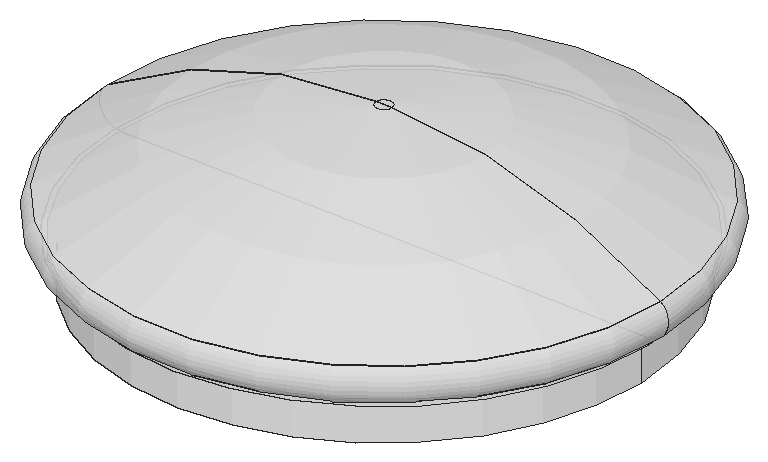
Revit family "0043117 Sylvania Lighting Fixture START ECO SURFACE IP44 2000LM 830", category Lighting Fixtures, host Face, Revit 2016
Family settings
  Host = Face
  Part Type = Normal
  Round Connector Dimension = Use Diameter
  OmniClass Number = 23.80.70.11.17
  OmniClass Title = Specialized Lighting by Location or Use
  Cut with Voids When Loaded = No
  Light Source = Yes
  Shared = No
  Room Calculation Point = No
Parameters (values of type "0043117 START ECO SURFACE IP44 2000LM 830")
  Weight = "kg"
  WarrantyStartDate [instance] = "n/a"
  WarrantyGuarantorParts = "n/a"
  WarrantyDurationUnit = "n/a"
  WarrantyDurationParts = "n/a"
  WarrantyDescription = "n/a"
  Voltage = 230 V
  TypeName = "START ECO SURFACE IP44 2000LM 830"
  SerialNumber [instance] = "n/a"
  Radius_FEILO = 180.0 mm
  Wattage = 24 W
  built-in parameter 1150110 = 1 (stored number, unit not read)
  URL = "http://www.sylvania-lighting.com"
  built-in parameter 1114217 = 1 (stored number, unit not read)
  Tilt Angle = -90°
  built-in parameter 1150109 = 1 (stored number, unit not read)
  built-in parameter 1150134 = (empty or 0)
  built-in parameter 1150113 = 1 (stored number, unit not read)
  PowerFactor = 0.8
  PowerConsumption = "24 W"
  Photometric Web File = "0043117.ies"
  NominalWidth = 0.0 mm
  NominalLength = 360.0 mm
  NominalHeight = 100.0 mm
  Name = "START ECO SURFACE IP44 2000LM 830"
  ModelReference = "START ECO SURFACE IP44 2000LM 830"
  ModelNumber = "0043117"
  Material_4_FEILO = none
  Material_3_FEILO = Polycarbonate_Sylvania_Sylcircle_Opal
  Material_2_FEILO = Metal_Sylvania_Sylcircle_White
  Material_1_FEILO = none
  Material = "aluminium housing, polycarbonate diffuser"
  ManufacturerName = "Feilo Sylvania"
  LuminousEfficacy = "83 lm/W"
  LuminaireType = ""
  LightOutputRatio = "n/a"
  LampsType = Lamp  # "LED"
  LampNominalLuminous = "2000 lm"
  LampMacAdamStep = "6"
  LampColourTemperature = "3000 K"
  LampColourRenderingIndex = "80"
  Keynote = "16500"
  InstallationDate [instance] = "n/a"
  InputVoltage = "220-240V~"
  InputNominalFrequency = "50 Hz"
  IngressProtection = "IP44"
  ImpactProtectionIndex = "IK03"
  IfcExportType = "IfcLightFixtureType"
  IfcExportAs = "IfcLightFixtureType"
  Height_FEILO = 100.0 mm
  ExpectedLife = 50000
  ElectricShockClassification = "Class I"
  DurationUnit = "hours"
  DocumentationLiterature = "http://www.sylvania-lighting.com/product/en-int/products/0043117"
  DimmingControlOptions = "Non dimmable"
  Diameter_FEILO = 2 * Radius_FEILO  # 360.0 mm
  CreatedOn = "8/8/2018"
  CreatedBy = "@sylvania-lighting.com"
  built-in parameter 1114216 [instance] = 1 (stored number, unit not read)
  Model = "START ECO SURFACE IP44 2000LM 830"
  Manufacturer = "Feilo Sylvania"
  built-in parameter 1150105 = 473.08 (stored number, unit not read)
  Lumens = 1992 lm
  built-in parameter 1150115 = 1 (stored number, unit not read)
  built-in parameter 1150137 = (empty or 0)
  built-in parameter 1150139 = (empty or 0)
  built-in parameter 1150112 = 1 (stored number, unit not read)
  built-in parameter 1150114 = 1 (stored number, unit not read)
  Lamp = "LED"
  built-in parameter 1150132 = 2
  built-in parameter 1150102 = (empty or 0)
  built-in parameter 1150107 = 3000 (stored number, unit not read)
  built-in parameter 1150138 = (empty or 0)
  built-in parameter 1150106 = 4.7308 (stored number, unit not read)
  built-in parameter 1150104 = 7.711 (stored number, unit not read)
  Dimming Lamp Color Temperature Shift = <None>
  Description = "Ceiling / wall luminaire with integrated LED  Perfect solution for hallways, circulation spaces or foyer.   Even and uniform light distribution with a halo lighting effect on the wall surface    24W 2000 lumens Supplied with LED driver (non-dimmable)    IK03 PMMA diffuser   Low maintenance with 30,000 hours LED life expectancy"
  Default Elevation = 0.0 mm
  Color Filter = 16777215
  built-in parameter 1140040 [instance] = 1
  BarCode [instance] = "n/a"
  built-in parameter 1114218 = 1 (stored number, unit not read)
  built-in parameter 1150133 = 10 (stored number, unit not read)
  AssetType = "Fixed"
  AssetIdentifier [instance] = "n/a"
  Assembly Code = "D5020200"
  Apparent Load = 24 VA
Reference planes
  plane 1 "Center (Front/Back)": y = 0
  plane 2: z = 0
  plane 3 "Center (Left/Right)": x = 0
  plane 4: x = 180
  plane 5: z = 23
  plane 6 "Housing Bottom": z = 27
  plane 7: z = 50
  plane 8 "Fixture Bottom": z = 100
  plane 9: x = 175
  plane 10: x = 170
  plane 11: x = 167
  plane 12: x = 163
Forms (mm)
  Revolve 1, solid, material "Polycarbonate_Sylvania_Sylcircle_Opal" <- "Material_3_FEILO", detail levels fine
    sketch origin (0, 0, 0) x (1, 0, 0) y (0, 0, 1)
      loop
        line (0, 100) -> (0, 27) -> (169.962, 27)
        arc (169.962, 27) -> (179.736, 36.911) -> (175, 50) r 13.044
        arc (175, 50) -> (93.6, 87.241) -> (5, 100) r 314
        line (5, 100) -> (0, 100)
      axis (0, 100) -> (0, 27)
    angle from 0 to 360
  Revolve 2, solid, material "Metal_Sylvania_Sylcircle_White" <- "Material_2_FEILO", detail levels fine
    sketch origin (0, 0, 0) x (1, 0, 0) y (0, 0, 1)
      loop
        line (167, 27) -> (0, 27) -> (0, 0) -> (163, 0) -> (163, 23) -> (167, 23) -> (167, 27)
      axis (0, 27) -> (0, 0)
    angle from 0 to 360
  Revolve 3, solid, material "Metal_Sylvania_Sylcircle_White" <- "Material_2_FEILO", detail levels coarse+medium
    sketch origin (0, 0, 0) x (1, 0, 0) y (0, 0, 1)
      loop
        line (0, 100) -> (0, 0) -> (163, 0) -> (163, 23) -> (167, 23) -> (167, 27) -> (169.962, 27)
        arc (169.962, 27) -> (179.736, 36.911) -> (175, 50) r 13.044
        arc (175, 50) -> (93.6, 87.241) -> (5, 100) r 314
        line (5, 100) -> (0, 100)
      axis (0, 100) -> (0, 0)
    angle from 0 to 360
Dimensions and locks
  "Height_FEILO": plane 8 "Fixture Bottom" to plane 2
  "Radius_FEILO": plane 4 to plane 3 "Center (Left/Right)"
  plane 6 "Housing Bottom" to plane 5 to plane 2 = 4.0 mm locked, 23.0 mm locked
  plane 4 to plane 9 to plane 10 to plane 11 to plane 12 = 5.0 mm locked, 5.0 mm locked, 3.0 mm locked, 4.0 mm locked
  aligned and locked: plane 2 to host face
  aligned and locked: level to host face
  aligned and locked: plane 1 "Center (Front/Back)" to imposter light
  aligned and locked: plane 3 "Center (Left/Right)" to imposter light
  aligned and locked: Revolve 1 sketch curve to plane 3 "Center (Left/Right)"
  aligned and locked: plane 6 "Housing Bottom" to Revolve 1 sketch curve  (x2)
  aligned and locked: Revolve 1 sketch curve to plane 8 "Fixture Bottom"
  aligned and locked: plane 9 to Revolve 1 sketch curve
  aligned and locked: Revolve 2 sketch curve to plane 6 "Housing Bottom"
  aligned and locked: Revolve 2 sketch curve to plane 11
  aligned and locked: Revolve 2 sketch curve to plane 5
  aligned and locked: Revolve 2 sketch curve to plane 12
  aligned and locked: Revolve 2 sketch curve to plane 2
  aligned and locked: Revolve 2 sketch curve to plane 3 "Center (Left/Right)"  (x2)
  aligned and locked: plane 8 "Fixture Bottom" to imposter light
  aligned and locked: plane 9 to Revolve 3 sketch curve
  aligned and locked: plane 6 "Housing Bottom" to Revolve 3 sketch curve
  aligned and locked: plane 7 to Revolve 3 sketch curve
  aligned and locked: Revolve 3 sketch curve to imposter light
  aligned and locked: Revolve 3 sketch curve to plane 11
  aligned and locked: Revolve 3 sketch curve to plane 2
  aligned and locked: Revolve 3 sketch curve to plane 5
  aligned and locked: Revolve 3 sketch curve to plane 12
Automatic sketch dimensions
  host sketch curve to host sketch curve = 1305.563 mm
  host sketch curve to host sketch curve = 1283.632 mm
  Revolve 1 sketch curve to plane 3 "Center (Left/Right)" = 0.0 mm
  Revolve 1 sketch curve to plane 7 = 0.0 mm
  Revolve 1 sketch curve to plane 10 = 0.038 mm
  plane 3 "Center (Left/Right)" to Revolve 1 sketch curve = 5.0 mm
  Revolve 1 sketch curve to plane 10 = 3.007 mm
  Revolve 1 sketch curve to Revolve 1 sketch curve = 234.06 mm
  Revolve 1 sketch curve to Revolve 1 sketch curve = 2559.943 mm
  Revolve 2 sketch curve to level = 372.274 mm
  plane 8 "Fixture Bottom" to Revolve 2 sketch curve = 2559.943 mm
  Revolve 3 sketch curve to plane 3 "Center (Left/Right)" = 0.0 mm  (x2)
  plane 3 "Center (Left/Right)" to Revolve 3 sketch curve = 5.0 mm
  Revolve 3 sketch curve to plane 10 = 0.038 mm
  Revolve 3 sketch curve to plane 11 = 0.007 mm
  Revolve 3 sketch curve to Revolve 3 sketch curve = 234.06 mm
  Revolve 3 sketch curve to Revolve 3 sketch curve = 2559.943 mm
Connectors
  electrical at (0, 0, 0), driven by "Apparent Load", driven by "Voltage", driven by "PowerFactor"
    settings: on Revolve 2, index 1, voltage 230 V, apparent load 0 VA, apparent load phase1 24 VA, apparent load phase2 0 VA, apparent load phase3 0 VA, power factor 0.8, load classification "Lighting", number of poles 1, system type 31, power factor state 1, is connector primary yes, connector utility no, sub classification motor no, connector description ""
